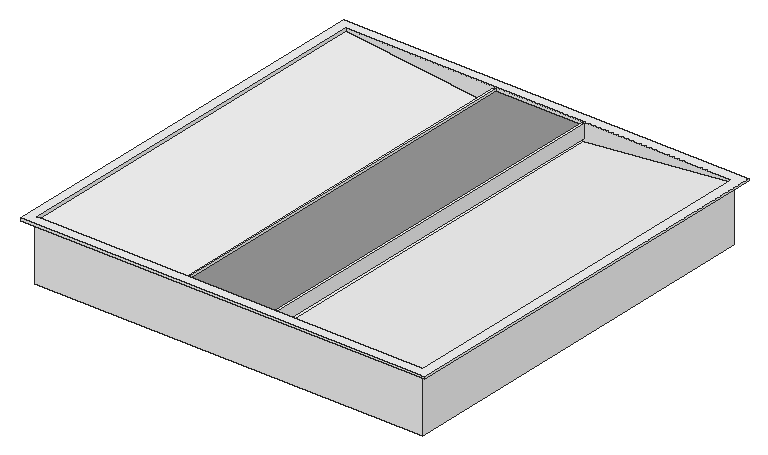
Revit family "2069241 Sylvania Lighting Fixture OFFICELYTE 600 HE 3K DALI", category Lighting Fixtures, host Face, Revit 2017
Family settings
  Host = Face
  Round Connector Dimension = Use Diameter
  Part Type = Normal
  OmniClass Number = 23.80.70.11.17
  OmniClass Title = Specialized Lighting by Location or Use
  Cut with Voids When Loaded = No
  Light Source = Yes
  Shared = No
  Room Calculation Point = No
Parameters (values of type "2069241 OFFICELYTE 600 HE 3K DALI")
  Width_SYL = 595.0 mm
  Weight = "6.0 kg"
  Wattage = 24 W
  WarrantyStartDate [instance] = "n/a"
  WarrantyGuarantorParts = "n/a"
  WarrantyDurationUnit = "n/a"
  WarrantyDurationParts = "n/a"
  WarrantyDescription = "n/a"
  built-in parameter 1150110 = 1 (stored number, unit not read)
  Voltage = 230 V
  URL = "http://www.sylvania-lighting.com"
  TypeName = "OFFICELYTE 600 HE 3K DALI"
  built-in parameter 1114217 = 1 (stored number, unit not read)
  Tilt Angle = -90.00°
  built-in parameter 1150109 = 1 (stored number, unit not read)
  built-in parameter 1150134 = (empty or 0)
  built-in parameter 1150113 = 1 (stored number, unit not read)
  SerialNumber [instance] = "n/a"
  PowerFactor = 0.96
  PowerConsumption = "24 W"
  Photometric Web File = "2069241.ies"
  NominalWidth = 0.0 mm
  NominalLength = 595.0 mm
  NominalHeight = 87.0 mm
  Name = "OFFICELYTE 600 HE 3K DALI"
  ModelReference = "OFFICELYTE 600 HE 3K DALI"
  ModelNumber = "2069241"
  Material = "zintec housing, acrylic diffuser"
  ManufacturerName = "Feilo Sylvania"
  LuminousEfficacy = "139 lm/W"
  LuminaireType = ""
  LightOutputRatio = "100"
  Length_SYL = Width_SYL  # 595.0 mm
  LampsType = Lamp  # "LED"
  LampNominalLuminous = "3345 lm"
  LampMacAdamStep = "n/a"
  LampColourTemperature = "3000 K"
  LampColourRenderingIndex = "80"
  Keynote = "16500"
  InstallationDate [instance] = "n/a"
  InputVoltage = "230-240V~"
  InputNominalFrequency = "50/60 Hz"
  IngressProtection = "IP20"
  ImpactProtectionIndex = "IK02"
  IfcExportType = "IfcLightFixtureType"
  IfcExportAs = "IfcLightFixtureType"
  Height_SYL = 84.0 mm
  ExpectedLife = 50000
  ElectricShockClassification = "Class I"
  DurationUnit = "hours"
  DocumentationLiterature = "http://www.sylvania-lighting.com/product/en-int/products/2069241"
  DimmingControlOptions = "Dimmable"
  Material_2_SYL = Acrylic_Sylvania_Officelyte LP LED_Satin_4000K
  CreatedOn = "8/23/2018"
  CreatedBy = ""
  built-in parameter 1114216 [instance] = 1 (stored number, unit not read)
  Model = "OFFICELYTE 600 HE 3K DALI"
  Manufacturer = "Havells-Sylvania Group"  # constant formula
  built-in parameter 1150105 = 265.47 (stored number, unit not read)
  Lumens = 3336 lm
  built-in parameter 1150115 = 1 (stored number, unit not read)
  built-in parameter 1150137 = (empty or 0)
  built-in parameter 1150139 = (empty or 0)
  built-in parameter 1150112 = 1 (stored number, unit not read)
  built-in parameter 1150114 = 1 (stored number, unit not read)
  Lamp = "LED"
  built-in parameter 1150132 = 2
  built-in parameter 1150102 = (empty or 0)
  built-in parameter 1150107 = 3000 (stored number, unit not read)
  built-in parameter 1150138 = (empty or 0)
  built-in parameter 1150106 = 2.6547 (stored number, unit not read)
  Material_3_SYL = Steel_Sylvania_Officelyte LP LED_White_RAL 9016
  Emit from Rectangle Width = Width_SYL - 31.0 mm  # 564.0 mm
  Emit from Rectangle Length = Length_SYL - 31.0 mm  # 564.0 mm
  Emit Shape Visible in Rendering = no
  built-in parameter 1150104 = 12.914 (stored number, unit not read)
  Dimming Lamp Color Temperature Shift = <None>
  Material_1_SYL = Steel_Sylvania_Officelyte LP LED_White_RAL 9016
  Description = "The Concord OFFICELYTE LP LED HO 4K 600 is a high efficient luminaire for Office, education, meeting rooms. With efficacy of 95lm/W, at 4549lm, CRI of 85 and a very low glare ratio according to EN12464."  # constant formula
  Default Elevation = 0.0 mm
  Color Filter = 16777215
  built-in parameter 1140040 [instance] = 1
  BarCode [instance] = "n/a"
  built-in parameter 1114218 = 1 (stored number, unit not read)
  built-in parameter 1150133 = 10 (stored number, unit not read)
  AssetType = "Fixed"
  AssetIdentifier [instance] = "n/a"
  Assembly Code = "D5020200"
  Apparent Load = 24 VA
Reference planes
  plane 1 "Center (Front/Back)": y = 0
  plane 2: z = 0
  plane 3 "Center (Left/Right)": x = 0
  plane 4 "Fixture Bottom": z = 3
  plane 5 "Fixture Right": x = 297.5
  plane 6 "Profile Right": x = 284
  plane 7 "Profile Left": x = -284
  plane 8 "Fixture Left": x = -297.5
  plane 9 "Profile Back": y = 284
  plane 10 "Fixture Back": y = 297.5
  plane 11 "Fixture Front": y = -297.5
  plane 12: z = -25
  plane 13 "Box Right": x = 286
  plane 14 "Box Left": x = -286
  plane 15 "Box Back": y = 286
  plane 16 "Box Front": y = -286
  plane 17: x = 66.5
  plane 18: x = -66.5
  plane 19 "Difuser Right": x = 63.5
  plane 20 "Difuser Left": x = -63.5
  plane 21: z = -2
  plane 22: z = -4
  plane 23 "Profile Front": y = -284
  plane 24 "Fixture Top": z = -84
  plane 25 "Box Thickness": z = -82
  plane 26: z = -20
Forms (mm)
  Extrusion 1, void
    sketch origin (0, 0, 59) x (-1, 0, 0) y (0, -1, 0)
      loop
        line (-286, -286) -> (286, -286) -> (286, 286) -> (-286, 286) -> (-286, -286)
    from -141 to -56
  Extrusion 2, solid, material "Steel_Sylvania_Officelyte LP LED_White_RAL 9016" <- "Material_3_SYL", detail levels fine
    sketch origin (20, 0, 59) x (-1, 0, 0) y (0, -1, 0)
      loop
        line (-277.5, -297.5) -> (317.5, -297.5) -> (317.5, 297.5) -> (-277.5, 297.5) -> (-277.5, -297.5)
      loop
        line (304, -284) -> (304, 284) -> (-264, 284) -> (-264, -284) -> (304, -284)
    from -59 to -56
  Extrusion 3, solid, material "Steel_Sylvania_Officelyte LP LED_White_RAL 9016" <- "Material_3_SYL", detail levels fine
    sketch origin (0, 0, 0) x (1, 0, 0) y (0, 0, 1)
      loop
        arc (-65.868, -23.244) -> (-175.523, -17.552) -> (-284, -0.537) r 1059.086
        line (-284, -0.537) -> (-284, -2.581)
        arc (-284, -2.581) -> (-175.521, -19.563) -> (-65.868, -25.244) r 1061.086
        line (-65.868, -25.244) -> (65.87, -25.244)
        arc (65.87, -25.244) -> (175.522, -19.563) -> (284, -2.581) r 1061.094
        line (284, -2.581) -> (284, -0.538)
        arc (284, -0.538) -> (175.524, -17.552) -> (65.87, -23.244) r 1059.094
        line (65.87, -23.244) -> (-65.868, -23.244)
    from -284 to 284
  Extrusion 4, solid, material "Steel_Sylvania_Officelyte LP LED_White_RAL 9016" <- "Material_3_SYL", detail levels fine
    sketch origin (0, 0, 59) x (-1, 0, 0) y (0, -1, 0)
      loop
        line (284, -284) -> (284, 284) -> (-284, 284) -> (-284, -284) -> (284, -284)
      loop
        line (286, -286) -> (286, 286) -> (-286, 286) -> (-286, -286) -> (286, -286)
    from -141 to -59
  Extrusion 5, solid, material "Steel_Sylvania_Officelyte LP LED_White_RAL 9016" <- "Material_3_SYL", detail levels fine
    sketch origin (0, 0, 59) x (-1, 0, 0) y (0, -1, 0)
      loop
        line (66.5, -284) -> (66.5, 284) -> (63.5, 284) -> (63.5, -284) -> (66.5, -284)
      loop
        line (-66.5, 284) -> (-66.5, -284) -> (-63.5, -284) -> (-63.5, 284) -> (-66.5, 284)
    from -79 to -59
  Extrusion 6, solid, material "Acrylic_Sylvania_Officelyte LP LED_Satin_4000K" <- "Material_2_SYL", detail levels fine
    sketch origin (0, 0, -581) x (-1, 0, 0) y (0, -1, 0)
      loop
        line (-63.5, -284) -> (63.5, -284) -> (63.5, 284) -> (-63.5, 284) -> (-63.5, -284)
    from 577 to 579
  Extrusion 7, solid, material "Steel_Sylvania_Officelyte LP LED_White_RAL 9016" <- "Material_1_SYL", detail levels coarse+medium
    sketch origin (0, 0, 59) x (-1, 0, 0) y (0, -1, 0)
      loop
        line (297.5, -297.5) -> (297.5, 297.5) -> (-297.5, 297.5) -> (-297.5, -297.5) -> (297.5, -297.5)
    from -59 to -56
  Extrusion 8, solid, material "Steel_Sylvania_Officelyte LP LED_White_RAL 9016" <- "Material_1_SYL", detail levels coarse+medium
    sketch origin (0, 0, -501) x (-1, 0, 0) y (0, -1, 0)
      loop
        line (286, -286) -> (286, 286) -> (-286, 286) -> (-286, -286) -> (286, -286)
    from 417 to 501
  Extrusion 9, solid, material "Steel_Sylvania_Officelyte LP LED_White_RAL 9016" <- "Material_3_SYL", detail levels fine
    sketch origin (0, 0, 59) x (-1, 0, 0) y (0, -1, 0)
      loop
        line (-286, -286) -> (286, -286) -> (286, 286) -> (-286, 286) -> (-286, -286)
    from -143 to -141
Cuts and joins
  joined: Extrusion 2, Extrusion 4, Extrusion 9
  joined: Extrusion 3, Extrusion 5
Lines and regions (mm)
  symbolic lines
    curve 1: line (-297.5, 297.5, 59) -> (297.5, 297.5, 59)
    curve 2: line (-297.5, -297.5, 59) -> (-297.5, 297.5, 59)
    curve 3: line (297.5, -297.5, 59) -> (-297.5, -297.5, 59)
    curve 4: line (297.5, 297.5, 59) -> (297.5, -297.5, 59)
Dimensions and locks
  "Height_SYL": host face to plane 24 "Fixture Top"
  locked: plane 25 "Box Thickness" to plane 24 "Fixture Top" at 2
  "Width_SYL": plane 10 "Fixture Back" to plane 11 "Fixture Front"
  "Length_SYL": plane 8 "Fixture Left" to plane 5 "Fixture Right"
  equal spacing: plane 10 "Fixture Back", plane 1 "Center (Front/Back)", plane 11 "Fixture Front"
  equal spacing: plane 8 "Fixture Left", plane 3 "Center (Left/Right)", plane 5 "Fixture Right"
  locked: plane 18 to plane 20 "Difuser Left" at 3
  locked: plane 19 "Difuser Right" to plane 17 at 3
  plane 8 "Fixture Left" to plane 14 "Box Left" to plane 7 "Profile Left" = 11.5 mm locked, 2.0 mm locked
  plane 10 "Fixture Back" to plane 15 "Box Back" to plane 9 "Profile Back" = 11.5 mm locked, 2.0 mm locked
  plane 6 "Profile Right" to plane 13 "Box Right" to plane 5 "Fixture Right" = 2.0 mm locked, 11.5 mm locked
  plane 23 "Profile Front" to plane 16 "Box Front" to plane 11 "Fixture Front" = 2.0 mm locked, 11.5 mm locked
  plane 4 "Fixture Bottom" to plane 2 to plane 21 to plane 22 to plane 12 = 3.0 mm locked, 2.0 mm locked, 2.0 mm locked, 21.0 mm locked
  aligned and locked: plane 2 to host face
  aligned and locked: level to host face
  aligned and locked: plane 1 "Center (Front/Back)" to imposter light
  aligned and locked: plane 10 "Fixture Back" to Extrusion 2
  aligned and locked: plane 8 "Fixture Left" to Extrusion 2
  aligned and locked: Extrusion 2 to plane 7 "Profile Left"
  aligned and locked: Extrusion 2 to plane 5 "Fixture Right"
  aligned and locked: plane 6 "Profile Right" to Extrusion 2
  aligned and locked: Extrusion 2 to plane 11 "Fixture Front"
  aligned and locked: plane 4 "Fixture Bottom" to Extrusion 2
  aligned and locked: plane 18 to Extrusion 5 sketch curve
  aligned and locked: Extrusion 5 sketch curve to plane 17
  aligned and locked: plane 19 "Difuser Right" to Extrusion 5 sketch curve
  aligned and locked: Extrusion 5 sketch curve to plane 20 "Difuser Left"
  aligned and locked: plane 19 "Difuser Right" to Extrusion 6 sketch curve
  aligned and locked: Extrusion 6 sketch curve to plane 20 "Difuser Left"
  aligned and locked: plane 21 to Extrusion 6
  aligned and locked: Extrusion 6 to plane 22
  aligned and locked: Extrusion 7 sketch curve to plane 10 "Fixture Back"
  aligned and locked: plane 5 "Fixture Right" to Extrusion 7 sketch curve
  aligned and locked: plane 11 "Fixture Front" to Extrusion 7 sketch curve
  aligned and locked: Extrusion 7 sketch curve to plane 8 "Fixture Left"
  aligned and locked: plane 4 "Fixture Bottom" to Extrusion 7
  aligned and locked: Extrusion 8 to plane 24 "Fixture Top"
  aligned and locked: level to Extrusion 8
  aligned and locked: plane 5 "Fixture Right" to curve 4
  aligned and locked: curve 1 to plane 10 "Fixture Back"
  aligned and locked: curve 2 to plane 8 "Fixture Left"
  aligned and locked: plane 11 "Fixture Front" to curve 3
  aligned and locked: plane 9 "Profile Back" to Extrusion 4
  aligned and locked: Extrusion 4 sketch curve to plane 9 "Profile Back"
  aligned and locked: Extrusion 4 to Extrusion 1
  aligned and locked: imposter light to Extrusion 1
  aligned and locked: Extrusion 9 to plane 24 "Fixture Top"
  aligned and locked: plane 25 "Box Thickness" to Extrusion 9
  aligned and locked: cut or joined group of Extrusion 2, Extrusion 4, Extrusion 9 to plane 25 "Box Thickness"
  aligned and locked: Extrusion 4 sketch curve to plane 13 "Box Right"
  aligned and locked: plane 15 "Box Back" to Extrusion 4 sketch curve
  aligned and locked: Extrusion 4 sketch curve to plane 14 "Box Left"
  aligned and locked: plane 16 "Box Front" to Extrusion 4 sketch curve
  aligned and locked: Extrusion 9 sketch curve to plane 16 "Box Front"
  aligned and locked: plane 13 "Box Right" to Extrusion 9 sketch curve
  aligned and locked: Extrusion 9 sketch curve to plane 15 "Box Back"
  aligned and locked: Extrusion 9 sketch curve to plane 14 "Box Left"
  aligned and locked: plane 7 "Profile Left" to cut or joined group of Extrusion 3, Extrusion 5
  aligned and locked: cut or joined group of Extrusion 3, Extrusion 5 to plane 6 "Profile Right"
  aligned and locked: plane 9 "Profile Back" to cut or joined group of Extrusion 3, Extrusion 5
  aligned and locked: cut or joined group of Extrusion 3, Extrusion 5 to plane 23 "Profile Front"
  aligned and locked: plane 23 "Profile Front" to Extrusion 5 sketch curve
  aligned and locked: Extrusion 5 sketch curve to plane 9 "Profile Back"
  aligned and locked: Extrusion 8 sketch curve to plane 13 "Box Right"
  aligned and locked: plane 15 "Box Back" to Extrusion 8 sketch curve
  aligned and locked: plane 16 "Box Front" to Extrusion 8 sketch curve
  aligned and locked: plane 14 "Box Left" to Extrusion 8 sketch curve
  aligned and locked: Extrusion 1 sketch curve to Extrusion 8  (x4)
  aligned and locked: Extrusion 6 sketch curve to plane 23 "Profile Front"
  aligned and locked: plane 9 "Profile Back" to Extrusion 6 sketch curve
  aligned and locked: cut or joined group of Extrusion 3, Extrusion 5 to plane 26
  aligned and locked: plane 4 "Fixture Bottom" to imposter light
Automatic sketch dimensions
  host sketch curve to host sketch curve = 1305.563 mm
  host sketch curve to host sketch curve = 1414.187 mm
  Extrusion 2 sketch curve to plane 5 "Fixture Right" = 0.0 mm
  Extrusion 2 sketch curve to plane 6 "Profile Right" = 0.0 mm
  Extrusion 2 sketch curve to plane 7 "Profile Left" = 0.0 mm
  Extrusion 2 sketch curve to plane 8 "Fixture Left" = 0.0 mm
  Extrusion 2 sketch curve to plane 10 "Fixture Back" = 0.0 mm
  plane 9 "Profile Back" to Extrusion 2 sketch curve = 0.0 mm
  Extrusion 2 sketch curve to plane 23 "Profile Front" = 0.0 mm
  Extrusion 2 sketch curve to plane 11 "Fixture Front" = 0.0 mm
  Extrusion 3 sketch curve to Extrusion 3 sketch curve = 0.0 mm  (x2)
  Extrusion 3 sketch curve to Extrusion 3 sketch curve = 0.001 mm  (x2)
  Extrusion 3 sketch curve to level = 0.537 mm
  plane 14 "Box Left" to Extrusion 3 sketch curve = 2.0 mm
  Extrusion 3 sketch curve to plane 12 = 0.244 mm
  plane 18 to Extrusion 3 sketch curve = 0.632 mm
  Extrusion 3 sketch curve to plane 17 = 0.63 mm
  Extrusion 3 sketch curve to level = 0.538 mm
  Extrusion 3 sketch curve to plane 13 "Box Right" = 2.0 mm
  Extrusion 3 sketch curve to level = 23.244 mm
  Extrusion 4 sketch curve to plane 6 "Profile Right" = 0.0 mm
  Extrusion 4 sketch curve to plane 7 "Profile Left" = 0.0 mm
  Extrusion 4 sketch curve to plane 23 "Profile Front" = 0.0 mm
  Extrusion 5 sketch curve to plane 9 "Profile Back" = 0.0 mm
  Extrusion 5 sketch curve to plane 23 "Profile Front" = 0.0 mm
Connectors
  electrical at (0, 0, -84), driven by "Apparent Load"
    settings: on Extrusion 8, index 1, voltage 230 V, apparent load 0 VA, apparent load phase1 24 VA, apparent load phase2 0 VA, apparent load phase3 0 VA, power factor 1, load classification "Lighting", number of poles 1, system type 31, power factor state 1, is connector primary yes, connector utility no, sub classification motor no, connector description ""
